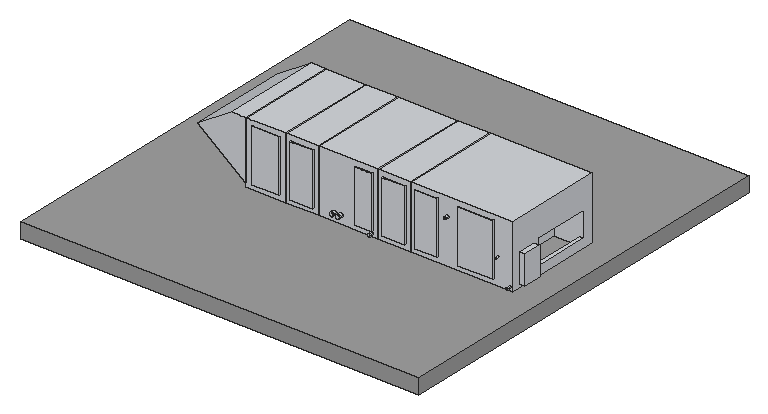
Revit family
Parameters (values of type "6 Row DX-R22")
  Wheel Size [instance] = ""
  Voltage = 480 V
  Unit Weight (lbs) = 4667  # constant formula
  URL = "http://www.appliedair.com"
  Total Static Pressure [instance] = 0.00 in-wg
  Total Heating Capacity [instance] = 0.0 Btu/h
  Total Cooling Capacity [instance] = 0.0 Btu/h
  Temperature Rise [instance] = 0 °F
  Supply Air Pressure Drop [instance] = 0.00 in-wg
  Supply Air Outlet Flow [instance] = 0 CFM
  Supply Air Inlet Flow [instance] = 0 CFM
  Series = "IFL"
  Return Coil Horizontal Offset = 1' - 1"  # constant formula
  Return Air Inlet Flow [instance] = 0 CFM
  Return Air Flow Height = 1' - 8"
  Refrigerant Type = "R22"
  Refrigerant Supply Pressure [instance] = 0.00 psi
  Refrigerant Supply Flow [instance] = 0 GPM
  Refrigerant Return Pressure [instance] = 0.00 psi
  Refrigerant Return Flow [instance] = 0 GPM
  Product URL = "http://www.appliedair.com/ifl.asp"
  Power Vertical Offset = 1' - 2 1/4"
  Power Horizontal Offset = 2' - 6"
  Power Connection Radius = 0' - 0 3/4"
  Phase = 3
  Output Heat [instance] = 0.0 Btu/h
  OmniClass = "23-75 10 24 21 27 17"
  Number of Rows = 6
  Number of Poles = 3
  Nominal Width = 6' - 8"  # constant formula
  Nominal Length = 21' - 0 5/8"  # constant formula
  Nominal Height = 4' - 2"  # constant formula
  Motor Horsepower (HP) [instance] = 0
  Motor Brake Horsepower (BHP) [instance] = 0
  Motor Amps [instance] = 0 A
  Model = "40"
  Minimum Input [instance] = 0.0 Btu/h
  Minimum Air Flow = 3000 CFM
  Maximum Input [instance] = 0.0 Btu/h
  Maximum Air Flow = 9500 CFM
  Manufacturer = "Applied Air"
  M = 3' - 10"  # constant formula
  L = 1' - 8 3/4"  # constant formula
  K = 2' - 1 11/16"  # constant formula
  J = 0' - 6 3/4"  # constant formula
  Heating Leaving Water Temperature [instance] = 0 °F
  Heating Leaving Air Temperature Wet Bulb [instance] = 0 °F
  Heating Leaving Air Temperature Dry Bulb [instance] = 0 °F
  Heating Entering Water Temperature [instance] = 0 °F
  Heating Entering Air Temperature Wet Bulb [instance] = 0 °F
  Heating Entering Air Temperature Dry Bulb [instance] = 0 °F
  Gas Vertical Offset = 1' - 9"  # constant formula
  Gas Horizontal Offset = 0' - 11 1/2"
  Gas Connection Radius = 0' - 0 3/8"  # constant formula
  Condensate Drain Vertical Offset = 0' - 2 3/4"
  Condensate Drain Radius = 0' - 0 3/4"  # constant formula
  Gas Pressure Drop [instance] = 0.00 psi
  Gas Input [instance] = 0.0 Btu/h
  Condensate Drain  Horizontal Offset = 0' - 1 27/32"
  Gas Flow [instance] = 0 GPM
  Condensate Drain Connection Radius = Condensate Drain Radius  # 0' - 0 3/4"
  Furnace Size [instance] = ""
  Frequency = 60 Hz
  Fan Speed (RPM) [instance] = 0
  Face Velocity (FPM) [instance] = 0
  Face Pressure Drop [instance] = 0' - 0"
  Drain Pressure Drop [instance] = 0.00 psi
  Drain Flow [instance] = 0 GPM
  Description = "Dedicated Outside Air Split System"
  Cooling Sensible Capacity [instance] = 0 Btu/h
  Cooling Leaving Air Temperature Wet Bulb [instance] = 0 °F
  Cooling Leaving Air Temperature Dry Bulb [instance] = 0 °F
  Cooling Entering Air Temperature Wet Bulb [instance] = 0 °F
  Cooling Entering Air Temperature Dry Bulb [instance] = 0 °F
  Cooling Coil Radius = 0' 3" / 2  # 0' - 1 1/2"
  H = 0' - 3 1/16"  # constant formula
  G = 3' - 2 5/8"  # constant formula
  Drain Vertical Offset = 0' - 2"
  Drain Radius = 0' - 1"
  Drain Horizontal Offset = 0' - 5"
  Default Elevation = 4' - 0"
  F = 2' - 2"  # constant formula
  E = 4' - 0"  # constant formula
  D = 5' - 8"  # constant formula
  Combustion Air Flow [instance] = 0 CFM
  Coils Depth = 0' - 3"
  Coil Outlet Vertical Offset = 3' - 7 113/256"  # constant formula
  Coil Face Area = if(Choose Coil Option = 1, 9.17 SF, if(Choose Coil Option = 2, 14.00 SF, if(Choose Coil Option = 3, 17.72 SF, 0.00 SF)))  # 14.00 SF
  Choose Coil Option = 2
  Coils Vertical Offsets = 0' - 6 143/256"
  Supply Coil Horizontal Offset = 1' - 6"  # constant formula
  Burner Amps [instance] = 0 A
  B = 6' - 10"  # constant formula
  Assembly Code = "D3030200"
  Apparent Power [instance] = (Motor Amps + Burner Amps) * Voltage * sqrt(3)  # 0 VA
  AHU Material = Galvanized Steel
  40.5x63 DX Coils = Choose Coil Option = 3  # no
  30x44 DX Coils = Choose Coil Option = 1  # no
  36x56 DX Coils = Choose Coil Option = 2  # yes
Reference planes (in)
  plane 1 "Center (Front/Back)": y = 0
  plane 2: z = -0.00391
  plane 3 "Center (Left/Right)": x = 0
  plane 4: y = 38
  plane 5: y = -42
  plane 6: x = -24
  plane 7: x = 24
  plane 8: x = 50
  plane 9: z = 49.99609
  plane 10: x = 132
  plane 11: x = -50
  plane 12: x = -82
  plane 13: x = -120.625
  plane 14: x = -11
  plane 15: x = -6
  plane 16: z = 6.55469
  plane 17: z = 6.55469
  plane 18: y = -45
  plane 19: x = 19
  plane 20: z = 1.99609
  plane 21: x = 80
  plane 22: z = 35.74609
  plane 23: z = 2.74609
  plane 24: x = 130.15625
  plane 25: z = 20.99609
  plane 26: x = 120.5
Forms (in)
  Extrusion 1, solid, material "Default"
    sketch origin (0, 0, 0) x (1, 0, 0) y (0, 1, 0)
      loop
        line (-164.84185, 166) -> (-164.84185, -165.6411) -> (155.35983, -165.6411) -> (155.35983, 166) -> (-164.84185, 166)
    from -0.00391 to -12
  Extrusion 2, solid
    sketch origin (0.62705, 0, 0) x (1, 0, 0) y (0, 0, 1)
      loop
        line (-24.62705, 0) -> (23.37295, 0) -> (23.37295, 49.99609) -> (-24.62705, 49.99609) -> (-24.62705, 0)
    from -38 to 42
  Extrusion 3, solid
    sketch origin (66.62705, 0, 0) x (1, 0, 0) y (0, 0, 1)
      loop
        line (-42.62705, 0) -> (-16.62705, 0) -> (-16.62705, 49.99609) -> (-42.62705, 49.99609) -> (-42.62705, 0)
    from -38 to 42
  Extrusion 4, solid
    sketch origin (120.62705, 0, 0) x (1, 0, 0) y (0, 0, 1)
      loop
        line (-70.62705, 0) -> (11.37295, 0) -> (11.37295, 49.99609) -> (-70.62705, 49.99609) -> (-70.62705, 0)
    from -38 to 42
  Extrusion 5, solid
    sketch origin (-17.37295, 0, 0) x (1, 0, 0) y (0, 0, 1)
      loop
        line (-32.62705, -0.00391) -> (-6.62705, -0.00391) -> (-6.62705, 49.99609) -> (-32.62705, 49.99609) -> (-32.62705, -0.00391)
    from -38 to 42
  Extrusion 6, solid
    sketch origin (-41.37295, 0, 0) x (1, 0, 0) y (0, 0, 1)
      loop
        line (-40.62705, -0.00391) -> (-8.62705, -0.00391) -> (-8.62705, 49.99609) -> (-40.62705, 49.99609) -> (-40.62705, -0.00391)
    from -38 to 42
  Extrusion 7, solid
    sketch origin (-15.3125, 0, 0) x (1, 0, 0) y (0, 0, 1)
      loop
        line (-105.3125, 32.99609) -> (-66.6875, 2.74609) -> (-66.6875, 49.99609) -> (-78.33244, 49.99609) -> (-105.3125, 32.99609)
    from -38 to 42
  Extrusion 8, void
    sketch origin (0, 0, 0) x (1, 0, 0) y (0, 1, 0)
      loop
        line (-75, 32) -> (-75, -36) -> (-55, -36) -> (-55, 32) -> (-75, 32)
    from 0 to 31.59567
  Extrusion 9, void
    sketch origin (0, 0, 0) x (0, 1, 0) y (0, 0, 1)
      loop
        line (-36, 9) -> (32, 9) -> (32, 29) -> (-36, 29) -> (-36, 9)
    from -55 to -85.321
  Extrusion 10, void
    sketch origin (0, 0, 0) x (1, 0, 0) y (0, 1, 0)
      loop
        line (128.9375, -16.3125) -> (128.9375, 29.6875) -> (108.1875, 29.6875) -> (108.1875, -16.3125) -> (128.9375, -16.3125)
    from 0 to 21.23232
  Extrusion 11, void
    sketch origin (0, 0, 0) x (1, 0, 0) y (0, 0, 1)
      loop
        line (132, 6.74609) -> (132, 27.49609) -> (108.1875, 27.49609) -> (108.1875, 6.74609) -> (132, 6.74609)
    from -29.6875 to 16.3125
  Extrusion 12, solid
    sketch origin (0, 0, 0) x (1, 0, 0) y (0, 1, 0)
      loop
        line (132, -21) -> (132, -36) -> (137, -36) -> (137, -21) -> (132, -21)
    from 3.06225 to 25.87762
  Extrusion 13, solid
    sketch origin (0, 0, 0) x (1, 0, 0) y (0, 0, 1)
      loop
        circle (-6, 6.55469) r 1.5
      loop
        circle (-11, 6.55469) r 1.5
      loop
        circle (19, 1.99609) r 1
      loop
        circle (80, 35.74609) r 0.75
      loop
        circle (130.15625, 2.74609) r 0.75
      loop
        circle (120.5, 20.99609) r 0.375
    from 42 to 45
  Extrusion 14, solid
    sketch origin (0, -38, 0) x (1, 0, 0) y (0, 0, 1)
      loop
        line (-55, 45.99609) -> (-77, 45.99609) -> (-77, 3.99609) -> (-55, 3.99609) -> (-55, 45.99609)
      loop
        line (-28, 45.99609) -> (-46, 45.99609) -> (-46, 3.99609) -> (-28, 3.99609) -> (-28, 45.99609)
      loop
        line (20, 45.99609) -> (6, 45.99609) -> (6, 3.99609) -> (20, 3.99609) -> (20, 45.99609)
      loop
        line (46, 45.99609) -> (28, 45.99609) -> (28, 3.99609) -> (46, 3.99609) -> (46, 45.99609)
      loop
        line (72, 45.99609) -> (54, 45.99609) -> (54, 3.99609) -> (72, 3.99609) -> (72, 45.99609)
      loop
        line (117, 45.99609) -> (89, 45.99609) -> (89, 3.99609) -> (117, 3.99609) -> (117, 45.99609)
    from 4 to 5
  Extrusion 15, void
    sketch origin (-0.04982, 0, -2.04982) x (1, 0, 0) y (0, 0, 1)
      loop
        line (124.55215, 46.70523) -> (124.55215, 46.20523) -> (126.80215, 46.20523) -> (126.80215, 46.70523) -> (124.55215, 46.70523)
      loop
        line (127.55215, 46.70523) -> (127.55215, 46.20523) -> (129.80215, 46.20523) -> (129.80215, 46.70523) -> (127.55215, 46.70523)
      loop
        line (124.55215, 47.45523) -> (124.55215, 46.95523) -> (126.80215, 46.95523) -> (126.80215, 47.45523) -> (124.55215, 47.45523)
      loop
        line (127.55215, 47.45523) -> (127.55215, 46.95523) -> (129.80215, 46.95523) -> (129.80215, 47.45523) -> (127.55215, 47.45523)
      loop
        line (124.55215, 45.95523) -> (124.55215, 45.45523) -> (126.80215, 45.45523) -> (126.80215, 45.95523) -> (124.55215, 45.95523)
      loop
        line (127.55215, 45.95523) -> (127.55215, 45.45523) -> (129.80215, 45.45523) -> (129.80215, 45.95523) -> (127.55215, 45.95523)
      loop
        line (124.55215, 45.20523) -> (124.55215, 44.70523) -> (126.80215, 44.70523) -> (126.80215, 45.20523) -> (124.55215, 45.20523)
      loop
        line (127.55215, 45.20523) -> (127.55215, 44.70523) -> (129.80215, 44.70523) -> (129.80215, 45.20523) -> (127.55215, 45.20523)
      loop
        line (124.55215, 44.45523) -> (124.55215, 43.95523) -> (126.80215, 43.95523) -> (126.80215, 44.45523) -> (124.55215, 44.45523)
      loop
        line (127.55215, 44.45523) -> (127.55215, 43.95523) -> (129.80215, 43.95523) -> (129.80215, 44.45523) -> (127.55215, 44.45523)
      loop
        line (124.55215, 43.70523) -> (124.55215, 43.20523) -> (126.80215, 43.20523) -> (126.80215, 43.70523) -> (124.55215, 43.70523)
      loop
        line (127.55215, 43.70523) -> (127.55215, 43.20523) -> (129.80215, 43.20523) -> (129.80215, 43.70523) -> (127.55215, 43.70523)
      loop
        line (124.55215, 15.78696) -> (126.80215, 15.78696) -> (126.80215, 16.28696) -> (124.55215, 16.28696) -> (124.55215, 15.78696)
      loop
        line (127.55215, 15.78696) -> (129.80215, 15.78696) -> (129.80215, 16.28696) -> (127.55215, 16.28696) -> (127.55215, 15.78696)
      loop
        line (124.55215, 15.03696) -> (126.80215, 15.03696) -> (126.80215, 15.53696) -> (124.55215, 15.53696) -> (124.55215, 15.03696)
      loop
        line (127.55215, 15.03696) -> (129.80215, 15.03696) -> (129.80215, 15.53696) -> (127.55215, 15.53696) -> (127.55215, 15.03696)
      loop
        line (124.55215, 16.53696) -> (126.80215, 16.53696) -> (126.80215, 17.03696) -> (124.55215, 17.03696) -> (124.55215, 16.53696)
      loop
        line (127.55215, 16.53696) -> (129.80215, 16.53696) -> (129.80215, 17.03696) -> (127.55215, 17.03696) -> (127.55215, 16.53696)
      loop
        line (124.55215, 17.28696) -> (126.80215, 17.28696) -> (126.80215, 17.78696) -> (124.55215, 17.78696) -> (124.55215, 17.28696)
      loop
        line (127.55215, 17.28696) -> (129.80215, 17.28696) -> (129.80215, 17.78696) -> (127.55215, 17.78696) -> (127.55215, 17.28696)
      loop
        line (124.55215, 18.03696) -> (126.80215, 18.03696) -> (126.80215, 18.53696) -> (124.55215, 18.53696) -> (124.55215, 18.03696)
      loop
        line (127.55215, 18.03696) -> (129.80215, 18.03696) -> (129.80215, 18.53696) -> (127.55215, 18.53696) -> (127.55215, 18.03696)
      loop
        line (124.55215, 18.78696) -> (126.80215, 18.78696) -> (126.80215, 19.28696) -> (124.55215, 19.28696) -> (124.55215, 18.78696)
      loop
        line (127.55215, 18.78696) -> (129.80215, 18.78696) -> (129.80215, 19.28696) -> (127.55215, 19.28696) -> (127.55215, 18.78696)
    from 32 to 38
  Extrusion 16, void
    sketch origin (0, 0, 0) x (1, 0, 0) y (0, 0, 1)
      loop
        line (-85.321, 29) -> (-100.57302, 29) -> (-109.17858, 24.03158) -> (-93.49174, 11.74609) -> (-85.321, 11.74609) -> (-85.321, 29)
    from -32 to 36
Cuts and joins
  Extrusion 8, Extrusion 9 cuts Extrusion 6
  Extrusion 9 cuts Extrusion 2
  Extrusion 9 cuts Extrusion 3
  Extrusion 9, Extrusion 16 cuts Extrusion 7
  Extrusion 10, Extrusion 11, Extrusion 15 cuts Extrusion 4
Dimensions and locks (in)
  "Nominal Width": plane 5 to plane 4
  "E": plane 6 to plane 7
  equal spacing: plane 6, plane 3 "Center (Left/Right)", plane 7
  "Nominal Height": plane 9 to plane 2
  "F": plane 7 to plane 8
  "F": plane 11 to plane 6
  locked: plane 12 to plane 11 at 32
  "B": plane 8 to plane 10
  "G": plane 13 to plane 12
  "D": Extrusion 8 sketch curve to Extrusion 8 sketch curve
  locked: Extrusion 8 sketch curve to Extrusion 8 sketch curve at 20
  locked: Extrusion 9 sketch curve to Extrusion 9 sketch curve at 20
  "D": Extrusion 9 sketch curve to Extrusion 9 sketch curve
  locked: level to Extrusion 9 sketch curve at 9
  "K": plane 5 to Extrusion 10 sketch curve
  "M": Extrusion 10 sketch curve to Extrusion 10 sketch curve
  "H": Extrusion 10 sketch curve to plane 10
  "L": Extrusion 10 sketch curve to Extrusion 10 sketch curve
  "J": Extrusion 11 sketch curve to plane 2
  "L": Extrusion 11 sketch curve to Extrusion 11 sketch curve
  "K": cut or joined group of Extrusion 4, Extrusion 10, Extrusion 11, Extrusion 15 to plane 5
  "M": cut or joined group of Extrusion 4, Extrusion 10, Extrusion 11, Extrusion 15 to cut or joined group of Extrusion 4, Extrusion 10, Extrusion 11, Extrusion 15
  plane 9 to Extrusion 12 = 2' - 0.11847"
  locked: Extrusion 12 to Extrusion 12 at 22.81538
  locked: Extrusion 12 to plane 2 at 3.06615
  locked: Extrusion 12 to Extrusion 12 at 5
  "Coils Depth": plane 18 to plane 5
  "Coils Vertical Offsets": plane 16 to plane 2
  "Coil Outlet Vertical Offset": plane 9 to plane 17
  "Return Coil Horizontal Offset": plane 6 to plane 14
  "Supply Coil Horizontal Offset": plane 6 to plane 15
  "Drain Vertical Offset": plane 20 to plane 2
  "Drain Horizontal Offset": plane 19 to plane 7
  locked: plane 12 to Extrusion 14 sketch curve at 5
  locked: Extrusion 14 sketch curve to plane 11 at 5
  locked: plane 9 to Extrusion 14 sketch curve at 4  (x6)
  locked: Extrusion 14 sketch curve to plane 2 at 4  (x6)
  locked: plane 11 to Extrusion 14 sketch curve at 4
  locked: Extrusion 14 sketch curve to plane 6 at 4
  locked: plane 6 to Extrusion 14 sketch curve at 30
  locked: Extrusion 14 sketch curve to plane 7 at 4
  locked: plane 7 to Extrusion 14 sketch curve at 4
  locked: Extrusion 14 sketch curve to plane 8 at 4
  locked: plane 8 to Extrusion 14 sketch curve at 4
  locked: Extrusion 14 sketch curve to Extrusion 14 sketch curve at 17
  locked: Extrusion 14 sketch curve to plane 10 at 15
  "Power Vertical Offset": plane 9 to plane 22
  "Power Horizontal Offset": plane 8 to plane 21
  locked: Extrusion 14 to plane 5 at 1
  "Condensate Drain Vertical Offset": plane 23 to plane 2
  plane 13 to plane 10 = 21' - 0 5/8"
  "Condensate Drain  Horizontal Offset": plane 24 to plane 10
  locked: Extrusion 7 sketch curve to plane 13 at 0
  locked: Extrusion 7 sketch curve to plane 9 at 0
  locked: Extrusion 7 sketch curve to plane 12 at 0
  locked: Extrusion 7 sketch curve to plane 23 at 0
  locked: plane 12 to Extrusion 7 sketch curve at 11.64494
  "Gas Vertical Offset": plane 25 to plane 2
  "Gas Horizontal Offset": plane 26 to plane 10
  locked: Extrusion 13 sketch curve to plane 14 at 0
  locked: Extrusion 13 sketch curve to plane 15 at 0
  locked: Extrusion 13 sketch curve to plane 19 at 0
  locked: Extrusion 13 sketch curve to plane 21 at 0
  locked: Extrusion 13 sketch curve to plane 25 at 0
  locked: Extrusion 13 sketch curve to plane 26 at 0
  locked: Extrusion 13 sketch curve to plane 23 at 0
  locked: Extrusion 13 sketch curve to plane 24 at 0
  locked: Extrusion 13 sketch curve to plane 20 at 0
  locked: Extrusion 13 sketch curve to plane 16 at 0
  locked: Extrusion 13 sketch curve to plane 22 at 0
  locked: Extrusion 13 sketch curve to plane 17 at 0
  "Cooling Coil Radius": radius of Extrusion 13 sketch curve  (x2)
  "Drain Radius": radius of Extrusion 13 sketch curve
  "Power Connection Radius": radius of Extrusion 13 sketch curve
  "Condensate Drain Connection Radius": radius of Extrusion 13 sketch curve
  "Gas Connection Radius": radius of Extrusion 13 sketch curve
  aligned and locked: plane 2 to Extrusion 1
  aligned and locked: Extrusion 2 to plane 4
  aligned and locked: plane 5 to Extrusion 2
  aligned and locked: plane 6 to Extrusion 2
  aligned and locked: plane 7 to Extrusion 2
  aligned and locked: plane 7 to Extrusion 3
  aligned and locked: Extrusion 3 to plane 8
  aligned and locked: plane 9 to Extrusion 2
  aligned and locked: Extrusion 3 to Extrusion 2
  aligned and locked: plane 5 to Extrusion 3
  aligned and locked: Extrusion 3 to plane 4
  aligned and locked: Extrusion 4 to plane 9
  aligned and locked: plane 8 to Extrusion 4
  aligned and locked: Extrusion 4 to plane 10
  aligned and locked: plane 5 to Extrusion 4
  aligned and locked: Extrusion 4 to plane 4
  aligned and locked: Extrusion 5 to plane 6
  aligned and locked: plane 11 to Extrusion 5
  aligned and locked: Extrusion 5 to plane 9
  aligned and locked: Extrusion 5 to plane 2
  aligned and locked: Extrusion 5 to plane 4
  aligned and locked: plane 5 to Extrusion 5
  aligned and locked: plane 5 to Extrusion 6
  aligned and locked: Extrusion 6 to plane 4
  aligned and locked: plane 12 to Extrusion 6
  aligned and locked: Extrusion 6 to plane 11
  aligned and locked: Extrusion 6 to plane 9
  aligned and locked: Extrusion 6 to plane 2
  aligned and locked: Extrusion 7 to plane 9
  aligned and locked: plane 13 to Extrusion 7
  aligned and locked: Extrusion 7 to plane 12
  aligned and locked: Extrusion 7 to plane 4
  aligned and locked: plane 5 to Extrusion 7
  aligned and locked: cut or joined group of Extrusion 6, Extrusion 8, Extrusion 9 to Extrusion 9 sketch curve
  aligned and locked: cut or joined group of Extrusion 6, Extrusion 8, Extrusion 9 to Extrusion 9
  aligned and locked: Extrusion 10 to level
  aligned and locked: cut or joined group of Extrusion 4, Extrusion 10, Extrusion 11, Extrusion 15 to Extrusion 11 sketch curve
  aligned and locked: plane 10 to Extrusion 11 sketch curve
  aligned and locked: plane 10 to Extrusion 12
  aligned and locked: plane 5 to Extrusion 13
  aligned and locked: plane 18 to Extrusion 13
  aligned and locked: Extrusion 14 to plane 5
  aligned and locked: cut or joined group of Extrusion 4, Extrusion 10, Extrusion 11, Extrusion 15 to plane 5
  aligned and locked: cut or joined group of Extrusion 6, Extrusion 8, Extrusion 9 to cut or joined group of Extrusion 7, Extrusion 9, Extrusion 16
  aligned and locked: cut or joined group of Extrusion 7, Extrusion 9, Extrusion 16 to cut or joined group of Extrusion 6, Extrusion 8, Extrusion 9
Automatic sketch dimensions
  Extrusion 1 sketch curve to Extrusion 1 sketch curve = 26' - 8.20168"
  Extrusion 1 sketch curve to Extrusion 1 sketch curve = 27' - 7.6411"
  Extrusion 2 sketch curve to level = 0' - 0"
  Extrusion 2 sketch curve to plane 6 = 0' - 0"
  Extrusion 2 sketch curve to plane 7 = 0' - 0"
  Extrusion 2 sketch curve to plane 9 = 0' - 0"
  Extrusion 3 sketch curve to level = 0' - 0"
  Extrusion 3 sketch curve to plane 7 = 0' - 0"
  Extrusion 3 sketch curve to plane 8 = 0' - 0"
  Extrusion 3 sketch curve to plane 9 = 0' - 0"
  Extrusion 4 sketch curve to level = 0' - 0"
  Extrusion 4 sketch curve to plane 8 = 0' - 0"
  Extrusion 4 sketch curve to plane 9 = 0' - 0"
  Extrusion 4 sketch curve to plane 10 = 0' - 0"
  Extrusion 5 sketch curve to plane 2 = 0' - 0"
  Extrusion 5 sketch curve to plane 11 = 0' - 0"
  Extrusion 5 sketch curve to plane 6 = 0' - 0"
  Extrusion 5 sketch curve to plane 9 = 0' - 0"
  Extrusion 6 sketch curve to plane 2 = 0' - 0"
  Extrusion 6 sketch curve to plane 12 = 0' - 0"
  Extrusion 6 sketch curve to plane 9 = 0' - 0"
  Extrusion 6 sketch curve to plane 11 = 0' - 0"
  Extrusion 12 sketch curve to plane 10 = 0' - 0"
  Extrusion 12 sketch curve to plane 10 = 0' - 5"
  Extrusion 12 sketch curve to plane 5 = 0' - 6"
  Extrusion 12 sketch curve to Extrusion 12 sketch curve = 1' - 3"
  Extrusion 14 sketch curve to Extrusion 14 sketch curve = 1' - 6"
  Extrusion 15 sketch curve to Extrusion 15 sketch curve = 0' - 0"  (x40)
  Extrusion 15 sketch curve to Extrusion 15 sketch curve = 0' - 0 3/4"  (x4)
  Extrusion 15 sketch curve to Extrusion 15 sketch curve = 0' - 0 1/2"  (x23)
  Extrusion 15 sketch curve to Extrusion 15 sketch curve = 0' - 0 1/4"  (x20)
  Extrusion 8 sketch curve to plane 12 = 0' - 7"
  Extrusion 8 sketch curve to plane 5 = 0' - 6"
  Extrusion 16 sketch curve to plane 13 = 0' - 11.44642"
  plane 22 to Extrusion 16 sketch curve = 0' - 6 191/256"
  Extrusion 16 sketch curve to Extrusion 16 sketch curve = 0' - 8.60555"
  Extrusion 16 sketch curve to plane 16 = 0' - 5 49/256"
  plane 12 to Extrusion 16 sketch curve = 0' - 11.49174"
  plane 12 to Extrusion 16 sketch curve = 0' - 3.321"
  Extrusion 16 sketch curve to Extrusion 16 sketch curve = 0' - 4.96842"
  plane 22 to Extrusion 7 sketch curve = 0' - 2 3/4"
  plane 10 to Extrusion 15 sketch curve = 0' - 7.49767"
  Extrusion 15 sketch curve to Extrusion 15 sketch curve = 0' - 2 1/4"  (x6)
  Extrusion 15 sketch curve to Extrusion 15 sketch curve = 1' - 11.91827"
  plane 9 to Extrusion 15 sketch curve = 3' - 1.00896"
Connectors (in)
  hvac at (-101.3125, -2, 17.87109), driven by "D", driven by "Return Air Flow Height", driven by "Supply Air Inlet Flow"
    settings: on cut or joined group of Extrusion 7, Extrusion 9, Extrusion 16, index 1
  hvac at (-65, -2, -0.00391), driven by "D", driven by "Return Air Flow Height", driven by "Return Air Inlet Flow"
    settings: on cut or joined group of Extrusion 6, Extrusion 8, Extrusion 9, index 2
  hvac at (118.5625, 6.6875, 0), driven by "M", driven by "L", driven by "Supply Air Outlet Flow"
    settings: on cut or joined group of Extrusion 4, Extrusion 10, Extrusion 11, Extrusion 15, index 3
  hvac at (132, 6.6875, 17.12109), driven by "M", driven by "L", driven by "Supply Air Outlet Flow"
    settings: on cut or joined group of Extrusion 4, Extrusion 10, Extrusion 11, Extrusion 15, index 4
  piping at (-11, -45, 6.55469), driven by "Cooling Coil Radius", driven by "Refrigerant Return Flow", driven by "Refrigerant Return Pressure"
    settings: on Extrusion 13, index 5
  piping at (-6, -45, 6.55469), driven by "Cooling Coil Radius", driven by "Refrigerant Supply Flow", driven by "Refrigerant Supply Pressure"
    settings: on Extrusion 13, index 6
  piping at (19, -45, 1.99609), driven by "Drain Radius", driven by "Drain Flow"
    settings: on Extrusion 13, index 7
  electrical at (80, -45, 35.74609), driven by "Number of Poles", driven by "Apparent Power", driven by "Voltage"
    settings: on Extrusion 13, index 8
  piping at (130.15625, -45, 2.74609), driven by "Condensate Drain Radius", driven by "Drain Flow", driven by "Gas Pressure Drop"
    settings: on Extrusion 13, index 9
  piping at (120.5, -45, 20.99609), driven by "Gas Connection Radius", driven by "Gas Flow", driven by "Gas Pressure Drop"
    settings: on Extrusion 13, index 10
